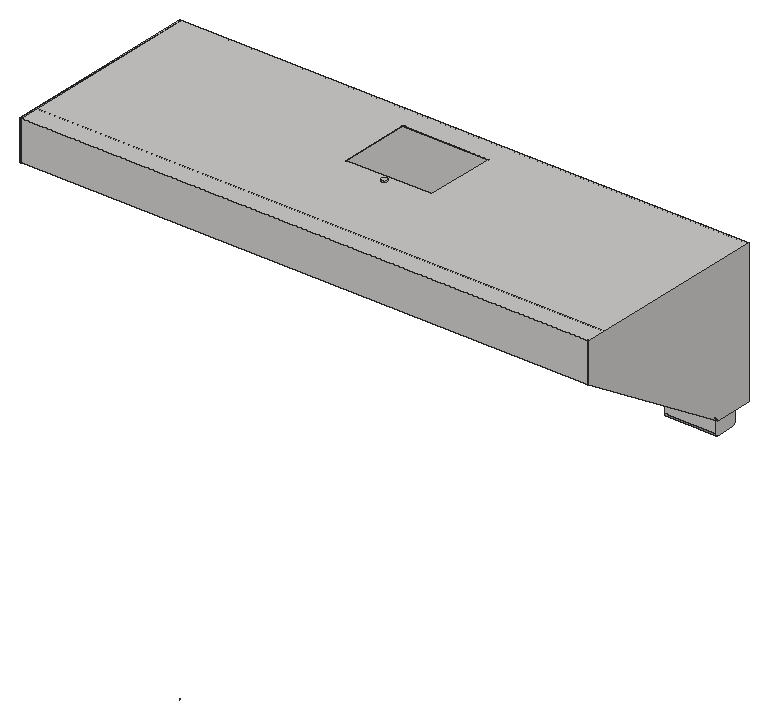
Revit family "QF_ELECTROLUXPROFESSIONAL_644180_AMPV720BT", category Attrezzature speciali, Revit 2021
Family settings
  Quota connettore circolare = Usa diametro
  Tipo di parte = Normale
  Basato su piano di lavoro = No
  Sempre verticale = Sì
  Taglio con vuoti quando caricato = No
  Condiviso = No
  Punto di calcolo locali = No
Parameters (values of type "Standard")
  Weight = 42.00 kg
  Watts = 550 W
  Volts = 220 V
  URL Manufacturer = "https://www.electroluxprofessional.com/"
  URL = "https://www.electroluxprofessional.com/"
  Steam Supply Size = 0 mm
  Steam Supply Minimum Pressure = 0.0 Pa
  Steam Supply Maximum Pressure = 0.0 Pa
  Steam Consumption per Hour = 0
  Refrigeration Suction Line Size = 0 mm
  Refrigeration Liquid Line Size = 0 mm
  Refrigerant Compressor Remote = yes
  Prospetto di default = 0 mm
  Produttore = "Electrolux Professional"
  Phase = 1
  Modello = "AMPV720BT"
  Length Actual = 2000 mm  # constant formula
  Item Number = "644180"
  Hot Water Size = 0 mm
  Height Actual = 500 mm  # constant formula
  HP = "0.7 HP"
  Gas Size = 0 mm
  Gas KW = 0
  Gas Input Pressure = 0 W
  Direct Waste Size = 0 mm
  Descrizione = "430 S/S WALL HOOD+FILTERS+FAN 2000X700MM"
  Depth Actual = 700 mm  # constant formula
  Cycle = 50 Hz
  Condensate Return Size = 0 mm
  Compressed Air Volume = 0.0 L/s
  Compressed Air Size = 0 mm
  Compressed Air Pressure = 0.0 Pa
  Cold Water Size = 0 mm
  Accessory = yes
Reference planes
  plane 1: z = 0
  plane 2 "Center (Left/Right)": x = 150
  plane 3 "LEFT": x = -850
  plane 4 "RIGHT": x = 1150
  plane 5 "BACK": y = 550
  plane 6 "Plane": z = 2000
  plane 7 "TOP": z = 2140
  plane 8 "Base": z = 1640
  plane 9: z = 1566
  plane 10 "DrainY": y = 485
  plane 11: x = -847
  plane 12: through (0, 414.509, 1640.8) normal (0, 0.7314, 0.682)
  plane 13: y = 470
  plane 14: y = 220
  plane 15 "DrainX": x = 1030
  plane 16: x = 0
  plane 17: x = 300
  plane 18: x = 1147
  plane 19: x = 940
  plane 20: x = -810
  plane 21: x = 1110
  plane 22: x = -47.5
  plane 23: x = 347.5
  plane 24 "Center (Front/Back)": y = 200
  plane 25 "Front": y = -150
Forms (mm)
  Extrusion 1, solid, material "QF_Finishes_Stainless Steel"
    sketch origin (-850, 0, 0) x (0, 1, 0) y (0, 0, 1)
      loop
        line (550, 1640) -> (550, 2140) -> (-150, 2140) -> (-150, 1999.112) -> (413.973, 1640) -> (550, 1640)
    from 0 to 3
  Extrusion 2, solid, material "QF_Finishes_Stainless Steel"
    sketch origin (150, 0, 0) x (0, 1, 0) y (0, 0, 1)
      loop
        line (415.255, 1640) -> (550, 1640) -> (550, 2139.19) -> (549.2, 2139.19) -> (549.2, 1640.8) -> (415.876, 1640.8) -> (339.347, 1722.867) -> (349.609, 1732.436) -> (348.927, 1733.167) -> (337.934, 1722.917) -> (415.255, 1640)
      loop
        line (-82.203, 2139.19) -> (-82.203, 2118.6) -> (-31.047, 2118.6) -> (34.354, 2048.466) -> (46.028, 2059.352) -> (45.346, 2060.083) -> (34.403, 2049.879) -> (-30.612, 2119.6) -> (-81.203, 2119.6) -> (-81.203, 2139.19) -> (-82.203, 2139.19)
    from -997 to 997
  Extrusion 3, solid, material "QF_Finishes_Stainless Steel"
    sketch origin (1150, 0, 0) x (0, 1, 0) y (0, 0, 1)
      loop
        line (550, 1640) -> (550, 2140) -> (-150, 2140) -> (-150, 1999.112) -> (413.973, 1640) -> (550, 1640)
    from 0 to -3
  Extrusion 4, solid, material "QF_Finishes_Stainless Steel"
    sketch origin (150, 0, 0) x (0, 1, 0) y (0, 0, 1)
      loop
        line (-150, 2140) -> (-150, 2000) -> (-149.2, 2000) -> (-149.2, 2139.19) -> (550, 2139.19) -> (550, 2140) -> (-150, 2140)
    from -1000 to 1000
  Extrusion 5, solid, material "QF_Finishes_Stainless Steel"
    sketch origin (1030, 0, 0) x (0, 1, 0) y (0, 0, 1)
      loop
        line (534, 1640) -> (436, 1640) -> (436, 1627) -> (443.5, 1627) -> (443.5, 1576)
        arc (443.5, 1576) -> (446.429, 1568.929) -> (453.5, 1566) r 10
        line (453.5, 1566) -> (516.5, 1566)
        arc (516.5, 1566) -> (523.571, 1568.929) -> (526.5, 1576) r 10
        line (526.5, 1576) -> (526.5, 1627) -> (534, 1627) -> (534, 1640)
    from -90 to 90
  Extrusion 6, solid, material "QF_Finishes_Stainless Steel"
    sketch origin (0, 0, 1640) x (0, 1, 0) y (-1, 0, 0)
      loop
        circle (485, -1030) r 20
    from -76 to -74
  Extrusion 7, solid, material "QF_Finished_Chrome"
    sketch origin (150, 0, 0) x (0, 1, 0) y (0, 0, 1)
      loop
        line (337.934, 1722.917) -> (341.591, 1726.327) -> (38.011, 2051.876) -> (34.354, 2048.466) -> (337.934, 1722.917)
    from -197.5 to -960
  Extrusion 8, solid, material "QF_Finishes_Stainless Steel"
    sketch origin (150, 0, 0) x (0, 1, 0) y (0, 0, 1)
      loop
        line (337.934, 1722.917) -> (341.591, 1726.327) -> (38.011, 2051.876) -> (34.354, 2048.466) -> (337.934, 1722.917)
    from 997 to 960
  Extrusion 9, solid, material "QF_Finished_Chrome"
    sketch origin (150, 0, 0) x (0, 1, 0) y (0, 0, 1)
      loop
        line (341.588, 1726.324) -> (38.009, 2051.874) -> (34.354, 2048.466) -> (337.934, 1722.917) -> (341.588, 1726.324)
    from 197.5 to 960
  Extrusion 10, void
    sketch origin (0, 0, 2140) x (0, 1, 0) y (-1, 0, 0)
      loop
        line (470, -300) -> (470, 0) -> (220, 0) -> (220, -300) -> (470, -300)
    from 0 to -10
  Extrusion 11, solid, material "QF_Finishes_Stainless Steel"
    sketch origin (0, 0, 0) x (1, 0, 0) y (0, 1, 0)
      loop
        line (-850, 550) -> (-850, 549) -> (-849, 549) -> (-849, 550) -> (-850, 550)
    from 0 to 1
  Extrusion 12, solid, material "QF_Finishes_Stainless Steel"
    sketch origin (150, 0, 0) x (0, 1, 0) y (0, 0, 1)
      loop
        line (337.934, 1722.917) -> (341.591, 1726.327) -> (38.011, 2051.876) -> (34.354, 2048.466) -> (337.934, 1722.917)
    from -960 to -997
  Extrusion 13, solid, material "QF_Finishes_Stainless Steel"
    sketch origin (150, 0, 0) x (0, 1, 0) y (0, 0, 1)
      loop
        line (337.934, 1722.917) -> (341.591, 1726.327) -> (38.011, 2051.876) -> (34.354, 2048.466) -> (337.934, 1722.917)
    from 197.5 to -197.5
  Extrusion 14, solid, material "QF_Finishes_Stainless Steel"
    sketch origin (0, 0, 2140) x (0, 1, 0) y (-1, 0, 0)
      loop
        circle (200, -150) r 10
    from 0 to 2
Cuts and joins
  Extrusion 10 cuts Extrusion 4
  joined: Extrusion 2, Extrusion 4
Lines and regions (mm)
  reference lines
    curve 1: line (150, 34.354, 2048.466) -> (150, 34.354, 1888.466)
  symbolic lines, style "SpecialityEquipment", detail levels coarse
    curve 2: line (1150, 550, 2140) -> (-850, 550, 2140)
    curve 3: line (-850, 550, 2140) -> (-850, -150, 2140)
    curve 4: line (1150, -150, 2140) -> (1150, 550, 2140)
    curve 5: line (-850, -150, 2140) -> (1150, -150, 2140)
    curve 6: line (300, 220, 2140) -> (0, 220, 2140)
    curve 7: line (300, 470, 2140) -> (300, 220, 2140)
    curve 8: line (0, 470, 2140) -> (300, 470, 2140)
    curve 9: line (0, 220, 2140) -> (0, 470, 2140)
  symbolic lines, detail levels coarse
    curve 10: line (-850, -150, 2140) -> (1150, 550, 2140)
    curve 11: line (-850, 550, 2140) -> (1150, -150, 2140)
Dimensions and locks
  plane 3 "LEFT" to plane 4 "RIGHT" = 2000 mm
  equal spacing: plane 3 "LEFT", plane 2 "Center (Left/Right)", plane 4 "RIGHT"
  locked: plane 6 "Plane" to level at 2000
  plane 7 "TOP" to plane 6 "Plane" = 140 mm
  locked: plane 7 "TOP" to plane 8 "Base" at 500
  plane 8 "Base" to plane 9 = 74 mm
  plane 5 "BACK" to plane 10 "DrainY" = 65 mm  (x2)
  plane 3 "LEFT" to plane 11 = 3 mm
  plane 5 "BACK" to plane 13 = 80 mm
  plane 13 to plane 14 = 250 mm  (x2)
  plane 15 "DrainX" to plane 4 "RIGHT" = 120 mm
  plane 18 to plane 4 "RIGHT" = 3 mm
  locked: plane 19 to plane 15 "DrainX" at 90
  plane 13 to plane 5 "BACK" = 80 mm
  locked: plane 3 "LEFT" to plane 20 at 40
  locked: plane 21 to plane 4 "RIGHT" at 40
  locked: plane 22 to plane 23 at 395
  equal spacing: plane 22, plane 2 "Center (Left/Right)", plane 23
  locked: plane 16 to plane 17 at 300
  equal spacing: plane 16, plane 2 "Center (Left/Right)", plane 17
  locked: plane 5 "BACK" to plane 25 "Front" at 700
  equal spacing: plane 5 "BACK", plane 24 "Center (Front/Back)", plane 25 "Front"
  plane 5 "BACK" to plane 25 "Front" = 700 mm
  aligned and locked: level to plane 1
  aligned and locked: Extrusion 2 to Extrusion 1
  aligned and locked: Extrusion 2 to Extrusion 3
  aligned and locked: plane 4 "RIGHT" to Extrusion 4
  aligned and locked: Extrusion 4 to plane 3 "LEFT"
  aligned and locked: plane 18 to Extrusion 8
  aligned and locked: Extrusion 10 to plane 16
  aligned and locked: Extrusion 10 to plane 14
  aligned and locked: Extrusion 10 to plane 13
  aligned and locked: Extrusion 2 to Extrusion 4
  aligned and locked: Extrusion 5 to plane 19
  aligned and locked: Extrusion 8 to plane 21
  aligned and locked: Extrusion 9 to plane 21
  aligned and locked: Extrusion 7 to plane 20
  aligned and locked: Extrusion 12 to plane 11
  aligned and locked: plane 20 to Extrusion 12
  aligned and locked: Extrusion 3 to plane 18
  aligned and locked: Extrusion 10 to plane 17
  aligned and locked: plane 17 to curve 7
  aligned and locked: plane 23 to Extrusion 13
  aligned and locked: Extrusion 13 to plane 22
  aligned and locked: Extrusion 9 to plane 23
Automatic sketch dimensions
  Extrusion 2 sketch curve to plane 12 = 0 mm  (x3)
  Extrusion 2 sketch curve to plane 8 "Base" = 0 mm
  plane 12 to Extrusion 2 sketch curve = 0 mm
  Extrusion 2 sketch curve to plane 5 "BACK" = 0 mm
  Extrusion 2 sketch curve to Extrusion 2 sketch curve = 65.646 mm
  Extrusion 2 sketch curve to Extrusion 2 sketch curve = 0.682 mm  (x2)
  Extrusion 2 sketch curve to Extrusion 2 sketch curve = 10.261 mm
  plane 8 "Base" to Extrusion 2 sketch curve = 82.917 mm
  Extrusion 2 sketch curve to Extrusion 2 sketch curve = 10.942 mm
  Extrusion 2 sketch curve to Extrusion 2 sketch curve = 0.049 mm
  Extrusion 2 sketch curve to plane 7 "TOP" = 20.4 mm
  Extrusion 2 sketch curve to plane 7 "TOP" = 21.4 mm
  Extrusion 2 sketch curve to plane 7 "TOP" = 0.81 mm  (x2)
  Extrusion 2 sketch curve to Extrusion 2 sketch curve = 50.156 mm
  Extrusion 2 sketch curve to Extrusion 2 sketch curve = 1 mm
  plane 8 "Base" to Extrusion 2 sketch curve = 0.8 mm
  Extrusion 2 sketch curve to plane 5 "BACK" = 0.8 mm
  Extrusion 3 sketch curve to plane 8 "Base" = 0 mm
  Extrusion 3 sketch curve to plane 5 "BACK" = 0 mm
  Extrusion 3 sketch curve to plane 7 "TOP" = 0 mm
  plane 13 to Extrusion 3 sketch curve = 56.027 mm
  Extrusion 3 sketch curve to plane 6 "Plane" = 0.888 mm
  Extrusion 4 sketch curve to plane 6 "Plane" = 0 mm
  Extrusion 4 sketch curve to plane 5 "BACK" = 0 mm
  Extrusion 4 sketch curve to plane 7 "TOP" = 0 mm
  Extrusion 4 sketch curve to plane 7 "TOP" = 0.81 mm
  curve 1 to plane 12 = 0 mm
  curve 1 to plane 6 "Plane" = 111.534 mm
  Extrusion 6 sketch curve to plane 10 "DrainY" = 0 mm
  Extrusion 6 sketch curve to plane 15 "DrainX" = 0 mm
  Extrusion 7 sketch curve to plane 12 = 0 mm  (x2)
  Extrusion 7 sketch curve to Extrusion 7 sketch curve = 3.657 mm
  plane 8 "Base" to Extrusion 7 sketch curve = 82.917 mm
  Extrusion 8 sketch curve to plane 12 = 0 mm  (x2)
  Extrusion 8 sketch curve to Extrusion 8 sketch curve = 3.657 mm
  plane 8 "Base" to Extrusion 8 sketch curve = 82.917 mm
  Extrusion 9 sketch curve to plane 12 = 0 mm  (x2)
  Extrusion 9 sketch curve to Extrusion 9 sketch curve = 3.655 mm
  plane 8 "Base" to Extrusion 9 sketch curve = 82.917 mm
  Extrusion 10 sketch curve to plane 14 = 0 mm
  plane 13 to Extrusion 10 sketch curve = 0 mm
  Extrusion 10 sketch curve to plane 17 = 0 mm
  Extrusion 10 sketch curve to plane 16 = 0 mm
  Extrusion 11 sketch curve to plane 3 "LEFT" = 0 mm
  Extrusion 11 sketch curve to plane 5 "BACK" = 0 mm
  plane 3 "LEFT" to Extrusion 11 sketch curve = 1 mm
  Extrusion 11 sketch curve to Extrusion 11 sketch curve = 1 mm
  Extrusion 12 sketch curve to plane 12 = 0 mm  (x2)
  Extrusion 12 sketch curve to Extrusion 12 sketch curve = 3.657 mm
  plane 8 "Base" to Extrusion 12 sketch curve = 82.917 mm
  Extrusion 13 sketch curve to plane 12 = 0 mm  (x2)
  Extrusion 13 sketch curve to Extrusion 13 sketch curve = 3.657 mm
  plane 8 "Base" to Extrusion 13 sketch curve = 82.917 mm
  Extrusion 4 sketch curve to Extrusion 4 sketch curve = 0.8 mm
  plane 6 "Plane" to Extrusion 2 sketch curve = 48.466 mm
  Extrusion 3 sketch curve to plane 14 = 370 mm
  Extrusion 4 sketch curve to plane 14 = 369.2 mm
  curve 1 to plane 14 = 185.646 mm
  plane 6 "Plane" to Extrusion 7 sketch curve = 51.876 mm
  plane 6 "Plane" to Extrusion 8 sketch curve = 51.876 mm
  plane 6 "Plane" to Extrusion 9 sketch curve = 51.874 mm
  plane 6 "Plane" to Extrusion 12 sketch curve = 51.876 mm
  plane 6 "Plane" to Extrusion 13 sketch curve = 51.876 mm
  Extrusion 1 sketch curve to plane 25 "Front" = 0 mm
  Extrusion 1 sketch curve to plane 8 "Base" = 0 mm
  Extrusion 1 sketch curve to plane 5 "BACK" = 0 mm
  Extrusion 1 sketch curve to plane 7 "TOP" = 0 mm
  plane 13 to Extrusion 1 sketch curve = 56.027 mm
  Extrusion 1 sketch curve to plane 6 "Plane" = 0.888 mm
  Extrusion 14 sketch curve to plane 2 "Center (Left/Right)" = 0 mm
  Extrusion 14 sketch curve to plane 24 "Center (Front/Back)" = 0 mm
  curve 10 to plane 3 "LEFT" = 0 mm
  curve 10 to plane 25 "Front" = 0 mm
  curve 7 to plane 14 = 0 mm
  plane 13 to curve 7 = 0 mm
  curve 3 to plane 5 "BACK" = 0 mm
  curve 2 to plane 4 "RIGHT" = 0 mm
  curve 6 to plane 16 = 0 mm
  Extrusion 5 sketch curve to plane 8 "Base" = 0 mm
  Extrusion 5 sketch curve to plane 9 = 0 mm
  Extrusion 5 sketch curve to plane 8 "Base" = 13 mm  (x2)
  plane 13 to Extrusion 5 sketch curve = 34 mm
  Extrusion 5 sketch curve to Extrusion 5 sketch curve = 7.5 mm  (x2)
  Extrusion 5 sketch curve to Extrusion 5 sketch curve = 10 mm
  plane 10 "DrainY" to Extrusion 5 sketch curve = 31.5 mm
  Extrusion 5 sketch curve to plane 5 "BACK" = 23.5 mm
  radius of Extrusion 6 sketch curve = 20 mm
  radius of Extrusion 14 sketch curve = 10 mm
Connectors
  piping at (1030, 485, 1564), diameter 20
    settings: on Extrusion 6, index 1, connector inside diameter 609.6 mm, connector length 0 mm, flow factor 0, pipe flow 0.0 L/s, pressure drop 0.0 Pa, fitting loss kfactor 0, connector angle 0.00°, fixture units 0, engagement length 0 mm, angle of deflection 0.00°, flow configuration 1, flow direction 2, fitting loss method 0, system type 16, joint type 0, gender type 0, connector reference index -1, connector utility 0, adjustable connector no, is connector primary yes, connector description "Drain"
  hvac at (150, 345, 2140)
    settings: on Extrusion 10, index 2, duct flow 0.0 L/s, flow factor 0, pres drop 0.0 Pa, loss coef 0, conn angle 0.00°, conn width 250 mm, conn height 300 mm, conn diameter 609.6 mm, duct sys type 3, conn prof type 1, flow config 0, flow direction 2, loss method 0, conn ref index -1, conn util no, is conn primary yes, conn desc "EXHAUST OUTLET"
  electrical at (150, 200, 2142), driven by "Volts"
    settings: on Extrusion 14, index 3, voltage 220 V, apparent load 0 VA, apparent load phase1 0 VA, apparent load phase2 0 VA, apparent load phase3 0 VA, power factor 1, load classification "Other", number of poles 1, system type 30, power factor state 1, is connector primary yes, connector utility no, sub classification motor no, connector description "Electrical Connection"
